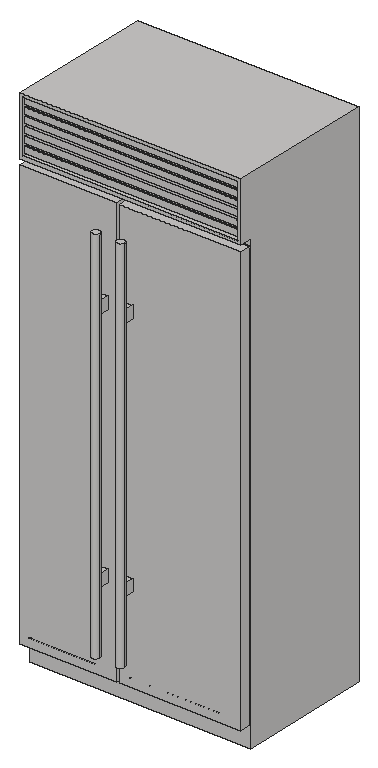
Revit family "d5e4f15688e8479681a5819ec0c010b6", category Specialty Equipment, Revit 2021
Family settings
  Round Connector Dimension = Use Diameter
  Part Type = Normal
  OmniClass Number = 23.40.40.14
  OmniClass Title = Food Service Equipment
  Work Plane-Based = No
  Always vertical = Yes
  Cut with Voids When Loaded = No
  Shared = No
  Room Calculation Point = No
Parameters (values of type "36" Left Side Freezer")
  Right Door Width = Width - Door Location - 0' 0 1/4"  # 1' - 7 3/4"
  Left Door Width = Door Location - 0' 0 1/4"  # 1' - 3 3/4"
  Width = 3' - 0"
  Wall Offset = 0' - 4"
  Voltage = 120 V
  Show Label = yes
  Power Consumption = 1000 VA
  Label = "Refrigerator"
  Height = 7' - 0"
  Gasket = Appliance - Gasket
  Door Location = 1' - 4"
  Description = "Side-by-Side Refrigerator"
  Depth = 2' - 0"
  Default Elevation = 0' - 0"
  Assembly Code = "E1090320"
  Appliance Finish = Appliance - Stainless Steel
  Amperage = Power Consumption / Voltage  # 8.33333 A
Reference planes (in)
  plane 1 "Back": y = 0
  plane 2: z = 0
  plane 3 "Center (Left/Right)": x = 0
  plane 4 "Left": x = -18
  plane 5 "Right": x = 18
  plane 6: y = -4
  plane 7 "Front": y = -28
  plane 8 "Door Back": y = -26
  plane 9 "Top": z = 84
  plane 10 "B.O. Door": z = 3.5
  plane 11: z = 74.375
  plane 12: x = -4
  plane 13: z = 69.375
  plane 14: z = 7.5
  plane 15: x = 0
  plane 16: x = -2
Forms (in)
  Extrusion 1, solid, material "Appliance - Stainless Steel" <- "Appliance Finish"
    sketch origin (0, 0, 0) x (1, 0, 0) y (0, 1, 0)
      loop
        line (-18, -4) -> (-18, -26) -> (18, -26) -> (18, -4) -> (-18, -4)
    from 0 to 84
  Extrusion 2, solid, material "Appliance - Stainless Steel" <- "Appliance Finish"
    sketch origin (0, -28, 0) x (-1, 0, 0) y (0, 0, 1)
      loop
        line (18, 84) -> (-18, 84) -> (-18, 74.375) -> (18, 74.375) -> (18, 84)
      loop
        line (17.5, 83.5) -> (-17.5, 83.5) -> (-17.5, 74.875) -> (17.5, 74.875) -> (17.5, 83.5)
    from 0 to 2
  Extrusion 3, solid, material "Appliance - Stainless Steel" <- "Appliance Finish"
    sketch origin (0, 0, 0) x (0, 1, 0) y (0, 0, 1)
      loop
        line (-26, 75.00892) -> (-27.75, 75.47783) -> (-27.75, 76.3774) -> (-27.875, 76.3774) -> (-27.875, 75.3774) -> (-26, 74.875) -> (-26, 75.00892)
      loop
        line (-26, 76.43344) -> (-27.75, 76.90235) -> (-27.75, 77.80192) -> (-27.875, 77.80192) -> (-27.875, 76.80192) -> (-26, 76.29952) -> (-26, 76.43344)
      loop
        line (-26, 77.85796) -> (-27.75, 78.32687) -> (-27.75, 79.22644) -> (-27.875, 79.22644) -> (-27.875, 78.22644) -> (-26, 77.72404) -> (-26, 77.85796)
      loop
        line (-26, 79.28248) -> (-27.75, 79.75139) -> (-27.75, 80.65096) -> (-27.875, 80.65096) -> (-27.875, 79.65096) -> (-26, 79.14856) -> (-26, 79.28248)
      loop
        line (-26, 80.707) -> (-27.75, 81.17591) -> (-27.75, 82.07548) -> (-27.875, 82.07548) -> (-27.875, 81.07548) -> (-26, 80.57308) -> (-26, 80.707)
      loop
        line (-26, 82.13151) -> (-27.75, 82.60043) -> (-27.75, 83.5) -> (-27.875, 83.5) -> (-27.875, 82.5) -> (-26, 81.9976) -> (-26, 82.13151)
    from -17.5 to 17.5
  Extrusion 4, solid, material "Appliance - Stainless Steel" <- "Appliance Finish", detail levels fine
    sketch origin (0, -28, 0) x (-1, 0, 0) y (0, 0, 1)
      loop
        line (4.375, 59.375) -> (3.625, 59.375) -> (3.625, 57.375) -> (4.375, 57.375) -> (4.375, 59.375)
      loop
        line (4.375, 19.5) -> (3.625, 19.5) -> (3.625, 17.5) -> (4.375, 17.5) -> (4.375, 19.5)
    from -1.67554 to 0
  Extrusion 5, solid, material "Appliance - Stainless Steel" <- "Appliance Finish", detail levels fine
    sketch origin (0, 0, 0) x (1, 0, 0) y (0, 1, 0)
      loop
        circle (-4, -30.01473) r 0.625
    from 7.5 to 69.375
  Extrusion 6, solid, material "Appliance - Stainless Steel" <- "Appliance Finish", detail levels fine
    sketch origin (2.5, -28, 0) x (-1, 0, 0) y (0, 0, 1)
      loop
        line (2.875, 59.375) -> (2.125, 59.375) -> (2.125, 57.375) -> (2.875, 57.375) -> (2.875, 59.375)
      loop
        line (2.875, 19.5) -> (2.125, 19.5) -> (2.125, 17.5) -> (2.875, 17.5) -> (2.875, 19.5)
    from -1.67554 to 0
  Extrusion 7, solid, material "Appliance - Stainless Steel" <- "Appliance Finish", detail levels fine
    sketch origin (2.5, 0, 0) x (1, 0, 0) y (0, 1, 0)
      loop
        circle (-2.5, -30.01473) r 0.625
    from 7.5 to 69.375
  Extrusion 8, solid, material "Appliance - Stainless Steel" <- "Appliance Finish"
    sketch origin (0, -28, 0) x (-1, 0, 0) y (0, 0, 1)
      loop
        line (18, 73.375) -> (2.25, 73.375) -> (2.25, 3.5) -> (18, 3.5) -> (18, 73.375)
      loop
        line (1.75, 3.5) -> (1.75, 73.375) -> (-18, 73.375) -> (-18, 3.5) -> (1.75, 3.5)
    from 0 to 1.75
  Sweep 9, solid, material "Appliance - Gasket" <- "Gasket", detail levels fine
    path in 3D
      loop
        line (-18, -28, 73.375) -> (-18, -28, 3.5) -> (-2.25, -28, 3.5) -> (-2.25, -28, 73.375) -> (-18, -28, 73.375)
    profile origin (-10.125, -28, 73.375) x (0, -1, 0) y (0, 0, 1)
      loop
        line (-2, -0.125) -> (-2, -0.25) -> (-1.75, -0.25) -> (-1.75, -0.125)
        arc (-1.75, -0.125) -> (-1.875, 0) -> (-2, -0.125) r 0.125
  Sweep 10, solid, material "Appliance - Gasket" <- "Gasket", detail levels fine
    path in 3D
      loop
        line (-1.75, -28, 73.375) -> (-1.75, -28, 3.5) -> (18, -28, 3.5) -> (18, -28, 73.375) -> (-1.75, -28, 73.375)
    profile origin (8.125, -28, 73.375) x (0, -1, 0) y (0, 0, 1)
      loop
        line (-2, -0.125) -> (-2, -0.25) -> (-1.75, -0.25) -> (-1.75, -0.125)
        arc (-1.75, -0.125) -> (-1.875, 0) -> (-2, -0.125) r 0.125
Cuts and joins
  joined: Extrusion 1, Extrusion 2
  joined: Extrusion 4, Extrusion 5
  joined: Extrusion 6, Extrusion 7
Lines and regions (in)
  Split face 1
    outline origin (-18, -4, 0) x (1, 0, 0) y (0, 0, -1)
      loop
        circle (30, -78) r 2
  Split face 2
    outline origin (-18, -4, 0) x (1, 0, 0) y (0, 0, -1)
      loop
        circle (18, -3.5) r 2
  Masking region 1
    outline origin (0, 0, 0) x (1, 0, 0) y (0, 1, 0)
      loop
        line (-18, -4) -> (-18, -28) -> (18, -28) -> (18, -4) -> (-18, -4)
  Masking region 2, detail levels fine
    outline origin (0, 0, 0) x (1, 0, 0) y (0, 1, 0)
      loop
        line (0.375, -29.51473) -> (0.375, -28) -> (-0.375, -28) -> (-0.375, -29.51473)
        arc (-0.375, -29.51473) -> (-0.55902, -29.73522) -> (-0.625, -30.01473) r 0.625
        arc (-0.625, -30.01473) -> (0, -30.63973) -> (0.625, -30.01473) r 0.625
        arc (0.625, -30.01473) -> (0.55902, -29.73522) -> (0.375, -29.51473) r 0.625
      loop
        line (-3.625, -29.51473) -> (-3.625, -28) -> (-4.375, -28) -> (-4.375, -29.51473)
        arc (-4.375, -29.51473) -> (-4.55902, -29.73522) -> (-4.625, -30.01473) r 0.625
        arc (-4.625, -30.01473) -> (-4, -30.63973) -> (-3.375, -30.01473) r 0.625
        arc (-3.375, -30.01473) -> (-3.44098, -29.73522) -> (-3.625, -29.51473) r 0.625
  symbolic lines, style "Appliances - Plan Swing", detail levels medium+fine
    curve 1: arc (-2.25, -28, 0) -> (-6.86307, -39.13693, 0) -> (-18, -43.75, 0) r 15.75
    curve 2: line (-18, -28, 0) -> (-18, -43.75, 0)
    curve 3: arc (-1.75, -28, 0) -> (4.03464, -41.96536, 0) -> (18, -47.75, 0) r 19.75
    curve 4: line (18, -47.75, 0) -> (18, -28, 0)
  sketch lines
    curve 5: line (-2.25, -28, 73.375) -> (-18, -28, 73.375)
    curve 6: line (-18, -28, 73.375) -> (-18, -28, 3.5)
    curve 7: line (-18, -28, 3.5) -> (-2.25, -28, 3.5)
    curve 8: line (-2.25, -28, 3.5) -> (-2.25, -28, 73.375)
    curve 9: line (18, -28, 73.375) -> (-1.75, -28, 73.375)
    curve 10: line (18, -28, 3.5) -> (18, -28, 73.375)
    curve 11: line (-1.75, -28, 3.5) -> (18, -28, 3.5)
    curve 12: line (-1.75, -28, 73.375) -> (-1.75, -28, 3.5)
  symbolic lines, style "Appliances"
    curve 13: line (-18, -4, 0) -> (18, -4, 0)
    curve 14: line (-18, -28, 0) -> (-18, -4, 0)
    curve 15: line (18, -28, 0) -> (-18, -28, 0)
    curve 16: line (18, -4, 0) -> (18, -28, 0)
    curve 17: line (-18, -26, 0) -> (18, -26, 0)
  symbolic lines, style "Appliances", detail levels medium+fine
    curve 18: line (-1.75, -28, 0) -> (-1.75, -26, 0)
    curve 19: line (-2.25, -28, 0) -> (-2.25, -26, 0)
  symbolic lines, style "Appliances", detail levels fine
    curve 20: line (-4.375, -28, 0) -> (-4.375, -29.51473, 0)
    curve 21: line (-3.625, -29.51473, 0) -> (-3.625, -28, 0)
    curve 22: line (-0.375, -28, 0) -> (-0.375, -29.51473, 0)
    curve 23: line (0.375, -29.51473, 0) -> (0.375, -28, 0)
    curve 24: arc (-3.375, -30.01473, 0) -> (-4, -29.38973, 0) -> (-4.625, -30.01473, 0) r 0.625
    curve 25: arc (-4.625, -30.01473, 0) -> (-4, -30.63973, 0) -> (-3.375, -30.01473, 0) r 0.625
    curve 26: arc (0.625, -30.01473, 0) -> (0, -29.38973, 0) -> (-0.625, -30.01473, 0) r 0.625
    curve 27: arc (-0.625, -30.01473, 0) -> (0, -30.63973, 0) -> (0.625, -30.01473, 0) r 0.625
Dimensions and locks (in)
  equal spacing: plane 4 "Left", plane 3 "Center (Left/Right)", plane 5 "Right"
  "Width": plane 4 "Left" to plane 5 "Right"
  "Depth": plane 6 to plane 7 "Front"
  "Wall Offset": plane 1 "Back" to plane 6
  "Height": plane 9 "Top" to level
  plane 10 "B.O. Door" to level = 0' - 3 1/2"
  locked: plane 8 "Door Back" to plane 7 "Front" at 2
  locked: plane 9 "Top" to plane 11 at 9.625
  locked: cut or joined group of Extrusion 1, Extrusion 2 to plane 4 "Left" at 0.5
  locked: plane 5 "Right" to cut or joined group of Extrusion 1, Extrusion 2 at 0.5
  locked: plane 11 to plane 13 at 5
  locked: plane 14 to plane 10 "B.O. Door" at 4
  Extrusion 4 sketch curve to plane 12 to Extrusion 4 sketch curve = 0' - 0 3/8" locked, 0' - 0 3/8" locked  (x2)
  plane 13 to Extrusion 4 sketch curve to Extrusion 4 sketch curve = 0' - 10" locked, 0' - 2" locked
  Extrusion 4 sketch curve to Extrusion 4 sketch curve to plane 14 = 0' - 2" locked, 0' - 10" locked
  locked: plane 7 "Front" to Extrusion 5 sketch curve at 2.01473
  Extrusion 6 sketch curve to plane 15 to Extrusion 6 sketch curve = 0' - 0 3/8" locked, 0' - 0 3/8" locked  (x2)
  locked: Extrusion 6 sketch curve to Extrusion 6 sketch curve at 2  (x2)
  plane 12 to plane 16 to plane 15 = 0' - 2" locked, 0' - 2" locked
  "Door Location": plane 4 "Left" to plane 16
  locked: Split face 1 sketch curve to plane 9 "Top" at 6
  locked: plane 5 "Right" to Split face 1 sketch curve at 6
  locked: plane 11 to Extrusion 8 sketch curve at 1  (x2)
  Extrusion 8 sketch curve to plane 16 to Extrusion 8 sketch curve = 0' - 0 1/4" locked, 0' - 0 1/4" locked
  locked: plane 8 "Door Back" to Extrusion 8 at 0.25
  locked: Sweep 9 sketch curve to Sweep 9 sketch curve at 0.25
  locked: plane 11 to Sweep 9 sketch curve at 1.25
  locked: plane 11 to Sweep 10 sketch curve at 1.25
  curve 19 to plane 16 to curve 18 = 0' - 0 1/4" locked, 0' - 0 1/4" locked
  equal spacing: plane 6, nested 1, plane 8 "Door Back"
  "Right Door Width": radius of curve 3
  "Left Door Width": radius of curve 1
  aligned and locked: plane 2 to level
  aligned and locked: Extrusion 1 sketch curve to plane 6
  aligned and locked: plane 4 "Left" to Extrusion 1 sketch curve
  aligned and locked: plane 8 "Door Back" to Extrusion 1 sketch curve
  aligned and locked: Extrusion 1 sketch curve to plane 5 "Right"
  aligned and locked: plane 9 "Top" to Extrusion 1
  aligned and locked: Extrusion 2 sketch curve to Extrusion 1  (x2)
  aligned and locked: plane 11 to Extrusion 2 sketch curve
  aligned and locked: Extrusion 2 sketch curve to plane 5 "Right"
  aligned and locked: plane 8 "Door Back" to Extrusion 2
  aligned and locked: Extrusion 3 to Extrusion 2  (x2)
  aligned and locked: plane 7 "Front" to Extrusion 4
  aligned and locked: plane 12 to Extrusion 5 sketch curve
  aligned and locked: Extrusion 5 to plane 14
  aligned and locked: plane 13 to Extrusion 5
  aligned and locked: plane 15 to Extrusion 7 sketch curve
  aligned and locked: plane 3 "Center (Left/Right)" to Split face 2 sketch curve
  aligned and locked: plane 10 "B.O. Door" to Split face 2 sketch curve
  aligned and locked: plane 10 "B.O. Door" to Extrusion 8 sketch curve
  aligned and locked: Extrusion 8 sketch curve to plane 10 "B.O. Door"
  aligned and locked: plane 5 "Right" to Extrusion 8 sketch curve
  aligned and locked: plane 4 "Left" to Extrusion 8 sketch curve
  aligned and locked: curve 17 to Sweep 9
  aligned and locked: plane 3 "Center (Left/Right)" to nested 1
  aligned and locked: Masking region 1 sketch curve to plane 6
  aligned and locked: plane 4 "Left" to Masking region 1 sketch curve
  aligned and locked: plane 7 "Front" to Masking region 1 sketch curve
  aligned and locked: Masking region 1 sketch curve to plane 5 "Right"
  aligned and locked: Masking region 2 sketch curve to cut or joined group of Extrusion 6, Extrusion 7  (x6)
  aligned and locked: Masking region 2 sketch curve to cut or joined group of Extrusion 4, Extrusion 5  (x6)
  aligned and locked: curve 20 to cut or joined group of Extrusion 4, Extrusion 5
  aligned and locked: curve 21 to cut or joined group of Extrusion 4, Extrusion 5
  aligned and locked: curve 22 to cut or joined group of Extrusion 6, Extrusion 7
  aligned and locked: curve 23 to cut or joined group of Extrusion 6, Extrusion 7
  aligned and locked: curve 24 to cut or joined group of Extrusion 4, Extrusion 5
  aligned and locked: curve 25 to cut or joined group of Extrusion 4, Extrusion 5
  aligned and locked: curve 26 to cut or joined group of Extrusion 6, Extrusion 7
  aligned and locked: curve 27 to cut or joined group of Extrusion 6, Extrusion 7
Automatic sketch dimensions
  Extrusion 2 sketch curve to plane 5 "Right" = 0' - 0 1/2"
  plane 4 "Left" to Extrusion 2 sketch curve = 0' - 0 1/2"
  plane 11 to Extrusion 2 sketch curve = 0' - 0 1/2"
  Extrusion 2 sketch curve to plane 9 "Top" = 0' - 0 1/2"
  Extrusion 3 sketch curve to plane 8 "Door Back" = 0' - 0"  (x6)
  plane 7 "Front" to Extrusion 3 sketch curve = 0' - 0 1/4"  (x6)
  plane 7 "Front" to Extrusion 3 sketch curve = 0' - 0 1/8"  (x6)
  plane 11 to Extrusion 3 sketch curve = 0' - 0 1/2"
  Extrusion 3 sketch curve to Extrusion 3 sketch curve = 0' - 0.13392"  (x6)
  plane 11 to Extrusion 3 sketch curve = 0' - 1.0024"
  Extrusion 3 sketch curve to Extrusion 3 sketch curve = 0' - 0.10043"  (x6)
  Extrusion 3 sketch curve to Extrusion 3 sketch curve = 0' - 1.2906"  (x5)
  Extrusion 3 sketch curve to Extrusion 3 sketch curve = 0' - 0.89957"  (x5)
  Extrusion 3 sketch curve to Extrusion 3 sketch curve = 0' - 0.42452"  (x5)
  Extrusion 3 sketch curve to plane 9 "Top" = 0' - 0 1/2"
  plane 14 to Extrusion 6 sketch curve = 0' - 10"
  Extrusion 6 sketch curve to plane 13 = 1' - 0"
  Extrusion 7 sketch curve to plane 7 "Front" = 0' - 2.01473"
  profile plane to Sweep 9 sketch curve = 0' - 2"
  Sweep 9 sketch curve to Sweep 9 sketch curve = 0' - 0 1/8"
  profile plane to Sweep 10 sketch curve = 0' - 2"
  Sweep 10 sketch curve to Sweep 10 sketch curve = 0' - 0 1/8"
  Sweep 10 sketch curve to profile plane = 0' - 0 1/8"
  curve 18 to plane 7 "Front" = 0' - 0"
  curve 19 to plane 7 "Front" = 0' - 0"
  curve 4 to plane 7 "Front" = 0' - 0"
  curve 13 to plane 6 = 0' - 0"
  radius of Extrusion 5 sketch curve = 0' - 0 5/8"
  radius of Extrusion 7 sketch curve = 0' - 0 5/8"
  radius of Split face 1 sketch curve = 0' - 2"
  radius of Split face 2 sketch curve = 0' - 2"
Nested families (in)
  nested 1: "Label Annotation 3-32" at (0, -15, 0), visible <- "Show Label", type "Label Annotation 3-32"
Connectors (in)
  electrical at (12, -4, 78), driven by "Voltage", driven by "Power Consumption"
    settings: on Extrusion 1, index 1, voltage 120 V, apparent load 1000 VA, apparent load phase1 0 VA, apparent load phase2 0 VA, apparent load phase3 0 VA, power factor 1, load classification "Appliance", number of poles 1, system type 30, power factor state 1, is connector primary yes, connector utility no, sub classification motor no, connector description "Refrigerator Power"
  piping at (0, -4, 3.5), diameter 0.25
    settings: on Extrusion 1, index 2, connector inside diameter 24", connector length 0' - 0", flow factor 0, pipe flow 0 GPM, pressure drop 0.00 psi, fitting loss kfactor 0, connector angle 0.00°, fixture units 1, engagement length 0' - 0", angle of deflection 0.00°, flow configuration 3, flow direction 1, fitting loss method 0, system type 20, joint type 0, gender type 0, connector reference index -1, connector utility 0, adjustable connector no, is connector primary yes, connector description "Ice - Water Supply"
Definition of nested family "Label Annotation 3-32"
  Parameters
    Label = "Freezer 36 LH"
  Reference planes (in)
    plane 1: y = 0
    plane 2: x = 0
  Text (in)
    label "Label" at (0.00375, -0.00345, 0), shows "Label"
